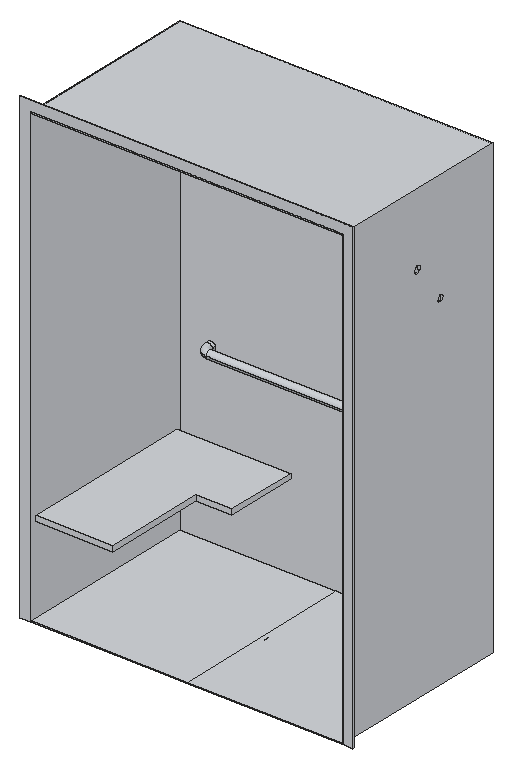
Revit family "Shower_Cabinet-Willoughby-US-3660-HC-FA-R", category Plumbing Fixtures, Revit 2015
Parameters
  URL = "https://www.willoughby-ind.com/wp-content/uploads/2018/01/US-3660-FA-ROLL-IN.pdfhttps://www.willoughby-ind.com/wp-content/uploads/2018/01/US-3660-FA-ROLL-IN.pdf"
  Revision = "A"
  Model = "US/KS-3660-HC-FA"
  Manufacturer = "Willoughby Industries"
  Description = "US 36\" X 60\" Handicap Roll-In Cabinet Shower, Front Access, Right shower heads"
  Contact Info = "(800) 428-4065"
Reference planes (in)
  plane 1 "Center (Front/Back)": y = 0
  plane 2: z = 0
  plane 3 "Center (Left/Right)": x = 0
Forms (in)
  Extrusion 1, solid
    sketch origin (0, 0, 0) x (1, 0, 0) y (0, 0, 1)
      loop
        line (152.875, 0) -> (213, 0) -> (213, 88) -> (152.875, 88) -> (152.875, 0)
    from 0 to 36
  Extrusion 2, void
    sketch origin (0, 0, 0) x (1, 0, 0) y (0, 0, 1)
      loop
        line (182.9375, 0.12) -> (212.9375, 0.12) -> (212.9375, 87.925) -> (152.9375, 87.925) -> (152.9375, 0.12) -> (182.9375, 0.12)
    from 0.07422 to 37
  Sweep 3, solid
    path origin (-9.0625, -18.07422, 34) x (1, 0, 0) y (0, 1, 0)
      loop
        line (198, 18) -> (198, 17.25)
        arc (198, 17.25) -> (197.56066, 16.18934) -> (196.5, 15.75) r 1.5
        line (196.5, 15.75) -> (169.5, 15.75)
        arc (169.5, 15.75) -> (168.43934, 16.18934) -> (168, 17.25) r 1.5
        line (168, 17.25) -> (168, 18)
    profile origin (188.9375, -0.07422, 34) x (1, 0, 0) y (0, 0, 1)
      loop
        circle (0, 0) r 0.75
  Extrusion 4, solid
    sketch origin (0, -35.92578, 0) x (1, 0, 0) y (0, 0, 1)
      loop
        line (152.875, 0) -> (152.875, 88) -> (213, 88) -> (213, 0) -> (215, 0) -> (215, 90) -> (150.875, 90) -> (150.875, 0) -> (152.875, 0)
    from 0 to 0.07422
  Extrusion 5, solid
    sketch origin (0, 0, 0) x (1, 0, 0) y (0, 1, 0)
      loop
        circle (182.9375, -18.07422) r 1
    from 0 to -5
  Sweep 6, solid
    path origin (352.19008, 18.61488, 34) x (-1, 0, 0) y (0, -1, 0)
      loop
        line (139.25258, 25.4391) -> (140.00258, 25.4391)
        arc (140.00258, 25.4391) -> (141.06324, 25.87844) -> (141.50258, 26.9391) r 1.5
        line (141.50258, 26.9391) -> (141.50258, 47.9391)
        arc (141.50258, 47.9391) -> (141.06324, 48.99976) -> (140.00258, 49.4391) r 1.5
        line (140.00258, 49.4391) -> (139.25258, 49.4391)
    profile origin (212.9375, -6.82422, 34) x (0, -1, 0) y (0, 0, 1)
      loop
        circle (0, 0) r 0.75
  Sweep 7, solid
    path origin (365.875, 0, 0) x (-1, 0, 0) y (0, 0, 1)
      loop
        line (152.9375, 39) -> (153.6875, 39)
        arc (153.6875, 39) -> (154.74816, 39.43934) -> (155.1875, 40.5) r 1.5
        line (155.1875, 40.5) -> (155.1875, 61.5)
        arc (155.1875, 61.5) -> (154.74816, 62.56066) -> (153.6875, 63) r 1.5
        line (153.6875, 63) -> (152.9375, 63)
    profile origin (212.9375, 0, 39) x (0, 0, -1) y (0, -1, 0)
      loop
        circle (0, 32) r 0.75
  Revolve 8, solid
    sketch origin (212.9375, -12.575, -17.55162) x (1, 0, 0) y (0, 0, -1)
      loop
        line (0.0625, -84.30162) -> (-1.66022, -84.30162)
        arc (-1.66022, -84.30162) -> (-1.4962, -84.6976) -> (-1.10022, -84.86162) r 0.56
        line (-1.10022, -84.86162) -> (0.0625, -84.86162) -> (0.0625, -84.30162)
      axis (0.0625, -84.30162) -> (-1.66022, -84.30162)
    angle from 0 to 360
  Revolve 9, solid
    sketch origin (365.875, -18, 0) x (-1, 0, 0) y (0, 0, -1)
      loop
        line (152.875, -74.125) -> (152.875, -74.875) -> (153.1875, -74.875) -> (154.2775, -74.76)
        arc (154.2775, -74.76) -> (154.68119, -74.55158) -> (154.8375, -74.125) r 0.62579
        line (154.8375, -74.125) -> (152.875, -74.125)
      axis (152.875, -74.125) -> (154.8375, -74.125)
    angle from 0 to 360
  Extrusion 10, solid
    sketch origin (365.875, 0, 0) x (-1, 0, 0) y (0, -1, 0)
      loop
        line (212.9375, 35.03711) -> (197.9375, 35.03711) -> (197.9375, 15.03711) -> (190.9375, 15.03711) -> (190.9375, 1.03711) -> (212.9375, 1.03711) -> (212.9375, 35.03711)
    from 17 to 18
  Extrusion 11, solid
    sketch origin (212.86328, 0, 0) x (0, 1, 0) y (0, 0, 1)
      loop
        line (-9.5625, 77.125) -> (-26.5625, 77.125) -> (-26.5625, 37.125) -> (-9.5625, 37.125) -> (-9.5625, 77.125)
    from 0 to 0.07422
Cuts and joins
  Extrusion 2 cuts Extrusion 1
Dimensions and locks (in)
  aligned and locked: level to plane 2
  aligned and locked: Revolve 8 sketch curve to Revolve 8 sketch curve
Connectors (in)
  piping at (182.9375, -18.07422, -5), diameter 2
    settings: on Extrusion 5, index 2, connector inside diameter 24", connector length 0' - 0", flow factor 0, pipe flow 0 GPM, pressure drop 0.00 psi, fitting loss kfactor 0, connector angle 0.00°, fixture units 0, engagement length 0' - 0", angle of deflection 0.00°, flow configuration 0, flow direction 0, fitting loss method 0, system type 16, joint type 0, gender type 0, connector reference index -1, connector utility 0, adjustable connector no, is connector primary yes, connector description ""
  piping at (213, -18, 74.125), diameter 0.375
    settings: on Revolve 9, index 3, connector inside diameter 24", connector length 0' - 0", flow factor 0, pipe flow 0 GPM, pressure drop 0.00 psi, fitting loss kfactor 0, connector angle 0.00°, fixture units 0, engagement length 0' - 0", angle of deflection 0.00°, flow configuration 0, flow direction 0, fitting loss method 0, system type 19, joint type 0, gender type 0, connector reference index -1, connector utility 0, adjustable connector no, is connector primary no, connector description ""
